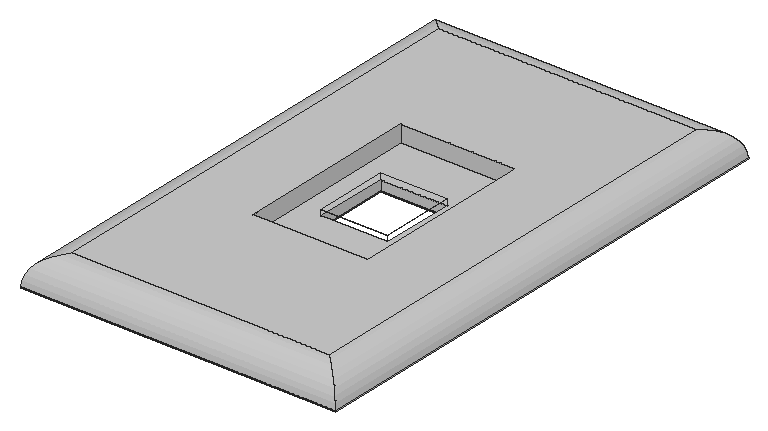
Revit family "Data_Device-Work_Area-Leviton-QuickPort-Wallplate", category Data Devices, host Face, Revit 2026
Family settings
  Host = Face
  Round Connector Dimension = Use Diameter
  Part Type = Normal
  Classification Number = 23.85.50.21
  Cut with Voids When Loaded = No
  Maintain Annotation Orientation = Yes
  Shared = Yes
  Room Calculation Point = No
Parameters (values of type "ERROR *See Type Catalog*")
  z Width = 0.58000"  # constant formula
  z White [instance] = and(Leviton Color = z Set Color White, not(Stainless Steel))  # no
  z Void Offset Single Gang 3 = if(and(z Is Single Gang, z Leviton Type = 1, Has ID Windows), 2.25000", 9.00000")  # 9.00000"
  z Void Offset Single Gang 2 = if(z Leviton Type = 11, 0.15000", 0.25000")  # 0.15000"
  z Void Offset Single Gang 1 = if(and(z Is Single Gang, Has ID Windows, not(or(z Leviton Type = 1, z Leviton Type = 11))), 2.25000", 9.00000")  # 9.00000"
  z Void Offset Dual Gang 2 = if(or(and(z Is Dual Gang, not(Stainless Steel), or(z Leviton Type = 1, z Leviton Type = 2, z Leviton Type = 3, z Leviton Type = 5, not(Has ID Windows))), and(z Is Single Gang), not(Has ID Windows), not(Has ID Windows)), 9.00000", 2.25000")  # 9.00000"
  z Void Offset Dual Gang 1 = if(and(z Is Dual Gang, Has ID Windows), 2.25000", 9.00000")  # 9.00000"
  z Void Offset Angled Plastic = if(or(and(z Leviton Type = 14, Stainless Steel), and(z Leviton Type = 13, Stainless Steel)), 0.11950", 0.07750")  # 0.07750"
  z Void Offset Angled = if(z Leviton Type = 15, 1.47000", if(z Leviton Type = 17, 0.36750", 0.73500"))  # 0.73500"
  z Void 4 Port Angled = if(or(z Leviton Type = 14, z Leviton Type = 15), 0.60000", 8.00000")  # 8.00000"
  z Void 2 Port Angled = if(z Leviton Type = 13, 0.60000", 8.00000")  # 8.00000"
  z Void 1 Port Angled = if(z Leviton Type = 17, 0.60000", 6.00000")  # 6.00000"
  z Stainless Steel [instance] = and(Leviton Color = z Set Color Stainless Steel, Stainless Steel)  # yes
  z Set Color White [instance] = Color Selection : White
  z Set Color Light Almond [instance] = Color Selection : Light Almond
  z Set Color Ivory [instance] = Color Selection : Ivory
  z Set Color Grey [instance] = Color Selection : Grey
  z Set Color Brown [instance] = Color Selection : Brown
  z Set Color Black [instance] = Color Selection : Black
  z Void Offset Single Gang 4 = if(or(and(z Is Single Gang, z Leviton Type = 13, Stainless Steel), and(z Is Single Gang, z Leviton Type = 14, Stainless Steel)), 2.25000", 9.00000")  # 9.00000"
  z Void Offset Dual Gang 3 = if(and(z Is Dual Gang, z Leviton Type = 15, Stainless Steel), 2.25000", 9.00000")  # 9.00000"
  z Offset 6 = if(or(z Leviton Type = 6, z Leviton Type = 12), 2.00000", 9.00000")  # 9.00000"
  z Offset 4 = if(or(z Leviton Type = 4, z Leviton Type = 8, z Leviton Type = 9), 2.00000", 9.00000")  # 9.00000"
  z Offset 3 = if(z Leviton Type = 3, 2.00000", 9.00000")  # 9.00000"
  z Offset 2 H = if(and(z Leviton Type = 5, z Is Dual Gang), 2.00000", 9.00000")  # 9.00000"
  z Offset 2 = if(or(z Leviton Type = 2, z Leviton Type = 7), 2.00000", 9.00000")  # 9.00000"
  z Offset 1 = if(or(z Leviton Type = 1, z Leviton Type = 11, z Leviton Type = 21), 2.00000", 9.00000")  # 2.00000"
  z Light Almond [instance] = and(Leviton Color = z Set Color Light Almond, not(Stainless Steel))  # no
  z Leviton Wallplate Color [instance] = if(and(z White, not(z Light Almond), not(z Ivory), not(z Grey), not(z Brown), not(z Black), not(z Stainless Steel)), 1, if(and(not(z White), z Light Almond, not(z Ivory), not(z Grey), not(z Brown), not(z Black), not(z Stainless Steel)), 2, if(and(not(z White), not(z Light Almond), z Ivory, not(z Grey), not(z Brown), not(z Black), not(z Stainless Steel)), 3, if(and(not(z White), not(z Light Almond), not(z Ivory), z Grey, not(z Brown), not(z Black), not(z Stainless Steel)), 4, if(and(not(z White), not(z Light Almond), not(z Ivory), not(z Grey), not(z Brown), z Black, not(z Stainless Steel)), 5, if(and(not(z White), not(z Light Almond), not(z Ivory), not(z Grey), z Brown, not(z Black), not(z Stainless Steel)), 6, if(and(not(z White), not(z Light Almond), not(z Ivory), not(z Grey), not(z Brown), not(z Black), z Stainless Steel), 7, 0)))))))  # 7
  z Leviton Type = 11
  z Ivory [instance] = and(Leviton Color = z Set Color Ivory, not(Stainless Steel))  # no
  z Is Single Gang = not(z Is Dual Gang)  # yes
  z Is Dual Gang = no
  z Height = 0.65000"  # constant formula
  z Has 12 Ports = z Leviton Type = 12  # no
  z Has 08 Ports = or(z Leviton Type = 8)  # no
  z Has 06 Ports = z Leviton Type = 6  # no
  z Has 04 Ports = or(z Leviton Type = 4, z Leviton Type = 9)  # no
  z Has 03 Ports = z Leviton Type = 3  # no
  z Has 02 Ports = or(z Leviton Type = 2, z Leviton Type = 7)  # no
  z Has 02 H Ports = z Leviton Type = 5  # no
  z Has 01 Port = or(z Leviton Type = 1, z Leviton Type = 11, z Leviton Type = 21)  # yes
  z Grey [instance] = and(Leviton Color = z Set Color Grey, not(Stainless Steel))  # no
  z Distance = if(z Collapse, 0.00000", 6.00000")  # 0.00000"
  z Depth = 0.25000"
  z Set Color Stainless Steel [instance] = Color Selection : Stainless Steel
  z Collapse = yes
  z Brown [instance] = and(Leviton Color = z Set Color Brown, not(Stainless Steel))  # no
  z Black [instance] = and(Leviton Color = z Set Color Black, not(Stainless Steel))  # no
  z Angles are Visible 4 Port Plastic = and(z Leviton Type = 14, not(Stainless Steel))  # no
  z Angles are Visible 4 Port Dual Gang = and(z Is Dual Gang, z Leviton Type = 14, Stainless Steel)  # no
  z Angles are Visible 4 Port = or(and(z Is Single Gang, z Leviton Type = 14), z Leviton Type = 15)  # no
  z Angles are Visible 2 Port Plastic = or(and(z Leviton Type = 13, not(Stainless Steel)), and(z Leviton Type = 17, not(Stainless Steel)))  # no
  z Angles are Visible 2 Port = or(z Leviton Type = 13, z Leviton Type = 17)  # no
  z 2 Y Offset 2 = if(z Leviton Type = 11, 0.00000", 8.00000")  # 0.00000"
  z 1 Y Offset 1 = if(and(or(z Leviton Type = 2, z Leviton Type = 4, z Leviton Type = 8), Stainless Steel), 1.13700", if(or(z Leviton Type = 7, z Leviton Type = 9), 0.76500", 0.24500"))  # 0.24500"
  z 1 X Offset 2 = if(or(z Leviton Type = 5, z Leviton Type = 8, z Leviton Type = 12), 0.73500", if(z Leviton Type = 15, 0.73500", 3.00000"))  # 3.00000"
  z 1 X Offset 1 = if(and(not(z Is Dual Gang), Stainless Steel), 1.23100", if(and(z Is Dual Gang, Stainless Steel, or(z Leviton Type = 8, z Leviton Type = 12)), 1.74000", if(and(z Is Dual Gang, Stainless Steel, or(z Leviton Type = 4, z Leviton Type = 6)), 2.39200", if(and(z Is Dual Gang, z Leviton Type = 1), 2.39300", if(and(z Is Dual Gang, z Leviton Type = 2), 2.39300", if(and(z Is Dual Gang, z Leviton Type = 3), 2.39300", if(or(and(z Is Dual Gang, z Leviton Type = 4), and(z Is Dual Gang, Stainless Steel, z Leviton Type = 14)), 2.39300", if(and(z Is Dual Gang, z Leviton Type = 5), 2.39300", if(and(z Is Dual Gang, z Leviton Type = 6), 2.39300", if(and(z Is Dual Gang, z Leviton Type = 8), 1.63200", if(and(z Is Dual Gang, z Leviton Type = 12), 1.63200", if(and(not(Stainless Steel), z Is Single Gang, z Leviton Type = 7), 1.49600", if(and(not(Stainless Steel), z Is Single Gang, z Leviton Type = 9), 1.49000", 1.31500")))))))))))))  # 1.23100"
  Width [instance] = if(and(z Is Single Gang, or(z Leviton Type = 7, z Leviton Type = 9, z Leviton Type = 11, z Leviton Type = 13, z Leviton Type = 14)), 2.75000", if(and(not(and(z Leviton Type = 7, z Leviton Type = 9, z Leviton Type = 11, z Leviton Type = 13, z Leviton Type = 14, z Leviton Type = 15)), z Is Dual Gang, Stainless Steel), 4.59000", if(and(not(and(z Leviton Type = 7, z Leviton Type = 9, z Leviton Type = 11, z Leviton Type = 13, z Leviton Type = 14, z Leviton Type = 15)), z Is Dual Gang, not(Stainless Steel)), 4.56300", if(and(not(and(z Leviton Type = 7, z Leviton Type = 9, z Leviton Type = 11, z Leviton Type = 13, z Leviton Type = 14, z Leviton Type = 15)), z Is Single Gang, Size Standard, Stainless Steel), 2.78000", if(and(not(and(z Leviton Type = 7, z Leviton Type = 9, z Leviton Type = 11, z Leviton Type = 13, z Leviton Type = 14, z Leviton Type = 15)), z Is Single Gang, Size Standard, not(Stainless Steel)), 2.75000", if(and(not(and(z Leviton Type = 7, z Leviton Type = 9, z Leviton Type = 11, z Leviton Type = 13, z Leviton Type = 14, z Leviton Type = 15)), z Is Single Gang, Size Midway, Stainless Steel), 2.78000", if(and(not(and(z Leviton Type = 7, z Leviton Type = 9, z Leviton Type = 11, z Leviton Type = 13, z Leviton Type = 14, z Leviton Type = 15, z Leviton Type = 13, z Leviton Type = 14)), z Is Single Gang, Size Midway, not(Stainless Steel)), 3.12000", 2.75000")))))))  # 2.75000"
  Stainless Steel = yes
  URL = "http://www.leviton.com/networksolutions"
  Type Comments = ""
  Technical Support Phone Number = "1-800-824-3005"  # constant formula
  Size Standard = not(Size Midway)  # yes
  Size Midway = no
  Serial Number [instance] = ""
  Quantity per Package = 0
  Product Documentation Link = "http://www.leviton.com/OA_HTML/SectionDisplay.jsp?section=37724&minisite=10259"
  Port Count [instance] = 0
  Part Number [instance] = if(and(z Leviton Wallplate Color = 1, z Is Single Gang, Size Standard, not(Has ID Windows), z Leviton Type = 1), "41080-1WP", if(and(z Leviton Wallplate Color = 2, z Is Single Gang, Size Standard, not(Has ID Windows), z Leviton Type = 1), "41080-1TP", if(and(z Leviton Wallplate Color = 3, z Is Single Gang, Size Standard, not(Has ID Windows), z Leviton Type = 1), "41080-1IP", if(and(z Leviton Wallplate Color = 4, z Is Single Gang, Size Standard, not(Has ID Windows), z Leviton Type = 1), "41080-1GP", if(and(z Leviton Wallplate Color = 5, z Is Single Gang, Size Standard, not(Has ID Windows), z Leviton Type = 1), "41080-1EP", if(and(z Leviton Wallplate Color = 6, z Is Single Gang, Size Standard, not(Has ID Windows), z Leviton Type = 1), "41080-1BP", if(and(z Leviton Wallplate Color = 1, z Is Single Gang, Size Standard, not(Has ID Windows), z Leviton Type = 2), "41080-2WP", if(and(z Leviton Wallplate Color = 2, z Is Single Gang, Size Standard, not(Has ID Windows), z Leviton Type = 2), "41080-2TP", if(and(z Leviton Wallplate Color = 3, z Is Single Gang, Size Standard, not(Has ID Windows), z Leviton Type = 2), "41080-2IP", if(and(z Leviton Wallplate Color = 4, z Is Single Gang, Size Standard, not(Has ID Windows), z Leviton Type = 2), "41080-2GP", if(and(z Leviton Wallplate Color = 5, z Is Single Gang, Size Standard, not(Has ID Windows), z Leviton Type = 2), "41080-2EP", if(and(z Leviton Wallplate Color = 6, z Is Single Gang, Size Standard, not(Has ID Windows), z Leviton Type = 2), "41080-2BP", if(and(z Leviton Wallplate Color = 1, z Is Single Gang, Size Standard, not(Has ID Windows), z Leviton Type = 3), "41080-3WP", if(and(z Leviton Wallplate Color = 2, z Is Single Gang, Size Standard, not(Has ID Windows), z Leviton Type = 3), "41080-3TP", if(and(z Leviton Wallplate Color = 3, z Is Single Gang, Size Standard, not(Has ID Windows), z Leviton Type = 3), "41080-3IP", if(and(z Leviton Wallplate Color = 4, z Is Single Gang, Size Standard, not(Has ID Windows), z Leviton Type = 3), "41080-3GP", if(and(z Leviton Wallplate Color = 5, z Is Single Gang, Size Standard, not(Has ID Windows), z Leviton Type = 3), "41080-3EP", if(and(z Leviton Wallplate Color = 6, z Is Single Gang, Size Standard, not(Has ID Windows), z Leviton Type = 3), "41080-3BP", if(and(z Leviton Wallplate Color = 1, z Is Single Gang, Size Standard, not(Has ID Windows), z Leviton Type = 4), "41080-4WP", if(and(z Leviton Wallplate Color = 2, z Is Single Gang, Size Standard, not(Has ID Windows), z Leviton Type = 4), "41080-4TP", if(and(z Leviton Wallplate Color = 3, z Is Single Gang, Size Standard, not(Has ID Windows), z Leviton Type = 4), "41080-4IP", if(and(z Leviton Wallplate Color = 4, z Is Single Gang, Size Standard, not(Has ID Windows), z Leviton Type = 4), "41080-4GP", if(and(z Leviton Wallplate Color = 5, z Is Single Gang, Size Standard, not(Has ID Windows), z Leviton Type = 4), "41080-4EP", if(and(z Leviton Wallplate Color = 6, z Is Single Gang, Size Standard, not(Has ID Windows), z Leviton Type = 4), "41080-4BP", if(and(z Leviton Wallplate Color = 1, z Is Single Gang, Size Standard, not(Has ID Windows), z Leviton Type = 6), "41080-6WP", if(and(z Leviton Wallplate Color = 2, z Is Single Gang, Size Standard, not(Has ID Windows), z Leviton Type = 6), "41080-6TP", if(and(z Leviton Wallplate Color = 3, z Is Single Gang, Size Standard, not(Has ID Windows), z Leviton Type = 6), "41080-6IP", if(and(z Leviton Wallplate Color = 4, z Is Single Gang, Size Standard, not(Has ID Windows), z Leviton Type = 6), "41080-6GP", if(and(z Leviton Wallplate Color = 5, z Is Single Gang, Size Standard, not(Has ID Windows), z Leviton Type = 6), "41080-6EP", if(and(z Leviton Wallplate Color = 6, z Is Single Gang, Size Standard, not(Has ID Windows), z Leviton Type = 6), "41080-6BP", if(and(z Leviton Wallplate Color = 1, z Is Single Gang, Size Standard, Has ID Windows, z Leviton Type = 1), "42080-1WS", if(and(z Leviton Wallplate Color = 2, z Is Single Gang, Size Standard, Has ID Windows, z Leviton Type = 1), "42080-1TS", if(and(z Leviton Wallplate Color = 3, z Is Single Gang, Size Standard, Has ID Windows, z Leviton Type = 1), "42080-1IS", if(and(z Leviton Wallplate Color = 4, z Is Single Gang, Size Standard, Has ID Windows, z Leviton Type = 1), "42080-1GS", if(and(z Leviton Wallplate Color = 5, z Is Single Gang, Size Standard, Has ID Windows, z Leviton Type = 1), "42080-1ES", if(and(z Leviton Wallplate Color = 1, z Is Single Gang, Size Standard, Has ID Windows, z Leviton Type = 2), "42080-2WS", if(and(z Leviton Wallplate Color = 2, z Is Single Gang, Size Standard, Has ID Windows, z Leviton Type = 2), "42080-2TS", if(and(z Leviton Wallplate Color = 3, z Is Single Gang, Size Standard, Has ID Windows, z Leviton Type = 2), "42080-2IS", if(and(z Leviton Wallplate Color = 4, z Is Single Gang, Size Standard, Has ID Windows, z Leviton Type = 2), "42080-2GS", if(and(z Leviton Wallplate Color = 5, z Is Single Gang, Size Standard, Has ID Windows, z Leviton Type = 2), "42080-2ES", if(and(z Leviton Wallplate Color = 1, z Is Single Gang, Size Standard, Has ID Windows, z Leviton Type = 3), "42080-3WS", if(and(z Leviton Wallplate Color = 2, z Is Single Gang, Size Standard, Has ID Windows, z Leviton Type = 3), "42080-3TS", if(and(z Leviton Wallplate Color = 3, z Is Single Gang, Size Standard, Has ID Windows, z Leviton Type = 3), "42080-3IS", if(and(z Leviton Wallplate Color = 4, z Is Single Gang, Size Standard, Has ID Windows, z Leviton Type = 3), "42080-3GS", if(and(z Leviton Wallplate Color = 5, z Is Single Gang, Size Standard, Has ID Windows, z Leviton Type = 3), "42080-3ES", if(and(z Leviton Wallplate Color = 1, z Is Single Gang, Size Standard, Has ID Windows, z Leviton Type = 4), "42080-4WS", if(and(z Leviton Wallplate Color = 2, z Is Single Gang, Size Standard, Has ID Windows, z Leviton Type = 4), "42080-4TS", if(and(z Leviton Wallplate Color = 3, z Is Single Gang, Size Standard, Has ID Windows, z Leviton Type = 4), "42080-4IS", if(and(z Leviton Wallplate Color = 4, z Is Single Gang, Size Standard, Has ID Windows, z Leviton Type = 4), "42080-4GS", if(and(z Leviton Wallplate Color = 5, z Is Single Gang, Size Standard, Has ID Windows, z Leviton Type = 4), "42080-4ES", if(and(z Leviton Wallplate Color = 1, z Is Single Gang, Size Standard, Has ID Windows, z Leviton Type = 6), "42080-6WS", if(and(z Leviton Wallplate Color = 2, z Is Single Gang, Size Standard, Has ID Windows, z Leviton Type = 6), "42080-6TS", if(and(z Leviton Wallplate Color = 3, z Is Single Gang, Size Standard, Has ID Windows, z Leviton Type = 6), "42080-6IS", if(and(z Leviton Wallplate Color = 4, z Is Single Gang, Size Standard, Has ID Windows, z Leviton Type = 6), "42080-6GS", if(and(z Leviton Wallplate Color = 5, z Is Single Gang, Size Standard, Has ID Windows, z Leviton Type = 6), "42080-6ES", if(and(z Leviton Wallplate Color = 1, z Is Dual Gang, Size Standard, Has ID Windows, z Leviton Type = 1), "42080-1WP", if(and(z Leviton Wallplate Color = 2, z Is Dual Gang, Size Standard, Has ID Windows, z Leviton Type = 1), "42080-1TP", if(and(z Leviton Wallplate Color = 3, z Is Dual Gang, Size Standard, Has ID Windows, z Leviton Type = 1), "42080-1IP", if(and(z Leviton Wallplate Color = 4, z Is Dual Gang, Size Standard, Has ID Windows, z Leviton Type = 1), "42080-1GP", if(and(z Leviton Wallplate Color = 5, z Is Dual Gang, Size Standard, Has ID Windows, z Leviton Type = 1), "42080-1EP", if(and(z Leviton Wallplate Color = 1, z Is Dual Gang, Size Standard, Has ID Windows, z Leviton Type = 5), "42080-2WP", if(and(z Leviton Wallplate Color = 2, z Is Dual Gang, Size Standard, Has ID Windows, z Leviton Type = 5), "42080-2TP", if(and(z Leviton Wallplate Color = 3, z Is Dual Gang, Size Standard, Has ID Windows, z Leviton Type = 5), "42080-2IP", if(and(z Leviton Wallplate Color = 4, z Is Dual Gang, Size Standard, Has ID Windows, z Leviton Type = 5), "42080-2GP", if(and(z Leviton Wallplate Color = 5, z Is Dual Gang, Size Standard, Has ID Windows, z Leviton Ty
    pe = 5), "42080-2EP", if(and(z Leviton Wallplate Color = 1, z Is Dual Gang, Size Standard, Has ID Windows, z Leviton Type = 3), "42080-3WP", if(and(z Leviton Wallplate Color = 2, z Is Dual Gang, Size Standard, Has ID Windows, z Leviton Type = 3), "42080-3TP", if(and(z Leviton Wallplate Color = 3, z Is Dual Gang, Size Standard, Has ID Windows, z Leviton Type = 3), "42080-3IP", if(and(z Leviton Wallplate Color = 4, z Is Dual Gang, Size Standard, Has ID Windows, z Leviton Type = 3), "42080-3GP", if(and(z Leviton Wallplate Color = 5, z Is Dual Gang, Size Standard, Has ID Windows, z Leviton Type = 3), "42080-3EP", if(and(z Leviton Wallplate Color = 1, z Is Dual Gang, Size Standard, Has ID Windows, z Leviton Type = 4), "42080-4WP", if(and(z Leviton Wallplate Color = 2, z Is Dual Gang, Size Standard, Has ID Windows, z Leviton Type = 4), "42080-4TP", if(and(z Leviton Wallplate Color = 3, z Is Dual Gang, Size Standard, Has ID Windows, z Leviton Type = 4), "42080-4IP", if(and(z Leviton Wallplate Color = 4, z Is Dual Gang, Size Standard, Has ID Windows, z Leviton Type = 4), "42080-4GP", if(and(z Leviton Wallplate Color = 5, z Is Dual Gang, Size Standard, Has ID Windows, z Leviton Type = 4), "42080-4EP", if(and(z Leviton Wallplate Color = 1, z Is Dual Gang, Size Standard, Has ID Windows, z Leviton Type = 6), "42080-6WP", if(and(z Leviton Wallplate Color = 2, z Is Dual Gang, Size Standard, Has ID Windows, z Leviton Type = 6), "42080-6TP", if(and(z Leviton Wallplate Color = 3, z Is Dual Gang, Size Standard, Has ID Windows, z Leviton Type = 6), "42080-6IP", if(and(z Leviton Wallplate Color = 4, z Is Dual Gang, Size Standard, Has ID Windows, z Leviton Type = 6), "42080-6GP", if(and(z Leviton Wallplate Color = 5, z Is Dual Gang, Size Standard, Has ID Windows, z Leviton Type = 6), "42080-6EP", if(and(z Leviton Wallplate Color = 1, z Is Dual Gang, Size Standard, Has ID Windows, z Leviton Type = 8), "42080-8WP", if(and(z Leviton Wallplate Color = 2, z Is Dual Gang, Size Standard, Has ID Windows, z Leviton Type = 8), "42080-8TP", if(and(z Leviton Wallplate Color = 3, z Is Dual Gang, Size Standard, Has ID Windows, z Leviton Type = 8), "42080-8IP", if(and(z Leviton Wallplate Color = 4, z Is Dual Gang, Size Standard, Has ID Windows, z Leviton Type = 8), "42080-8GP", if(and(z Leviton Wallplate Color = 5, z Is Dual Gang, Size Standard, Has ID Windows, z Leviton Type = 8), "42080-8EP", if(and(z Leviton Wallplate Color = 1, z Is Dual Gang, Size Standard, Has ID Windows, z Leviton Type = 12), "42080-12W", if(and(z Leviton Wallplate Color = 2, z Is Dual Gang, Size Standard, Has ID Windows, z Leviton Type = 12), "42080-12T", if(and(z Leviton Wallplate Color = 3, z Is Dual Gang, Size Standard, Has ID Windows, z Leviton Type = 12), "42080-12I", if(and(z Leviton Wallplate Color = 4, z Is Dual Gang, Size Standard, Has ID Windows, z Leviton Type = 12), "42080-12G", if(and(z Leviton Wallplate Color = 5, z Is Dual Gang, Size Standard, Has ID Windows, z Leviton Type = 12), "42080-12E", if(and(z Leviton Wallplate Color = 7, z Is Single Gang, Size Standard, not(Has ID Windows), Stainless Steel, z Leviton Type = 1), "43080-1S1", if(and(z Leviton Wallplate Color = 7, z Is Single Gang, Size Standard, not(Has ID Windows), Stainless Steel, z Leviton Type = 2), "43080-1S2", if(and(z Leviton Wallplate Color = 7, z Is Single Gang, Size Standard, not(Has ID Windows), Stainless Steel, z Leviton Type = 3), "43080-1S3", if(and(z Leviton Wallplate Color = 7, z Is Single Gang, Size Standard, not(Has ID Windows), Stainless Steel, z Leviton Type = 4), "43080-1S4", if(and(z Leviton Wallplate Color = 7, z Is Single Gang, Size Standard, not(Has ID Windows), Stainless Steel, z Leviton Type = 6), "43080-1S6", if(and(z Leviton Wallplate Color = 7, z Is Dual Gang, Size Standard, not(Has ID Windows), Stainless Steel, z Leviton Type = 2), "43080-2S2", if(and(z Leviton Wallplate Color = 7, z Is Dual Gang, Size Standard, not(Has ID Windows), Stainless Steel, z Leviton Type = 4), "43080-2S4", if(and(z Leviton Wallplate Color = 7, z Is Dual Gang, Size Standard, not(Has ID Windows), Stainless Steel, z Leviton Type = 6), "43080-2S6", if(and(z Leviton Wallplate Color = 7, z Is Dual Gang, Size Standard, not(Has ID Windows), Stainless Steel, z Leviton Type = 8), "43080-2S8", if(and(z Leviton Wallplate Color = 7, z Is Single Gang, Size Standard, not(Has ID Windows), Stainless Steel, z Leviton Type = 13), "43081-1L2", if(and(z Leviton Wallplate Color = 7, z Is Single Gang, Size Standard, not(Has ID Windows), Stainless Steel, z Leviton Type = 14), "43081-1L4", if(and(z Leviton Wallplate Color = 7, z Is Dual Gang, Size Standard, not(Has ID Windows), Stainless Steel, z Leviton Type = 14), "43081-2L4", if(and(z Leviton Wallplate Color = 7, z Is Dual Gang, Size Standard, not(Has ID Windows), Stainless Steel, z Leviton Type = 15), "43081-2L8", if(and(z Leviton Wallplate Color = 7, z Is Single Gang, Size Standard, not(Has ID Windows), Stainless Steel, z Leviton Type = 21), "4108W-0SP", if(and(z Leviton Wallplate Color = 7, z Is Single Gang, Size Standard, not(Has ID Windows), Stainless Steel, z Leviton Type = 11), "4108W-1SP", if(and(z Leviton Wallplate Color = 1, z Is Single Gang, Size Standard, not(Has ID Windows), z Leviton Type = 13), "41081-2WP", if(and(z Leviton Wallplate Color = 2, z Is Single Gang, Size Standard, not(Has ID Windows), z Leviton Type = 13), "41081-2TP", if(and(z Leviton Wallplate Color = 3, z Is Single Gang, Size Standard, not(Has ID Windows), z Leviton Type = 13), "41081-2IP", if(and(z Leviton Wallplate Color = 1, z Is Single Gang, Size Standard, not(Has ID Windows), z Leviton Type = 14), "41081-4WP", if(and(z Leviton Wallplate Color = 2, z Is Single Gang, Size Standard, not(Has ID Windows), z Leviton Type = 14), "41081-4TP", if(and(z Leviton Wallplate Color = 3, z Is Single Gang, Size Standard, not(Has ID Windows), z Leviton Type = 14), "41081-4IP", if(and(z Leviton Wallplate Color = 1, z Is Single Gang, Size Standard, Has ID Windows, z Leviton Type = 17), "42081-1WS", if(and(z Leviton Wallplate Color = 2, z Is Single Gang, Size Standard, Has ID Windows, z Leviton Type = 17), "42081-1TS", if(and(z Leviton Wallplate Color = 3, z Is Single Gang, Size Standard, Has ID Windows, z Leviton Type = 17), "42081-1IS", if(and(z Leviton Wallplate Color = 1, z Is Single Gang, Size Standard, Has ID Windows, z Leviton Type = 13), "42081-2WS", if(and(z Leviton Wallplate Color = 2, z Is Single Gang, Size Standard, Has ID Windows, z Leviton Type = 13), "42081-2TS", if(and(z Leviton Wallplate Color = 3, z Is Single Gang, Size Standard, Has ID Windows, z Leviton Type = 13), "42081-2IS", if(and(z Leviton Wallplate Color = 1, z Is Single Gang, Size Standard, Has ID Windows, z Leviton Type = 14), "42081-4WS", if(and(z Leviton Wallplate Color = 2, z Is Single Gang, Size Standard, Has ID Windows, z Leviton Type = 14), "42081-4TS", if(and(z Leviton Wallplate Color = 3, z Is Single Gang, Size Standard, Has ID Windows, z Leviton Type = 14), "42081-4IS", if(and(z Leviton Wallplate Color = 5, z Is Single Gang, Size Standard, Has ID Windows, z Leviton Type = 14), "42081-4ES", if(and(z Leviton Wallplate Color = 1, z Is Single Gang, Size Midway, not(Has ID Windows), z Leviton Type = 1), "41091-1WN", if(and(z Leviton Wallplate Color = 2, z Is Single Gang, Size Midway, not(Has ID Windows), z Leviton Type = 1), "41091-1TN", if(and(z Leviton Wallplate Color = 3, z Is Single Gang, Size Midway, not(Has ID Windows), z Leviton Type = 1), "41091-1IN", if(and(z Leviton Wallplate Color = 6, z Is Single Gang, Size Midway, not(Has ID Windows), z Leviton Type = 1), "41091-1BN", if(and(z Leviton Wallplate Color = 1, z Is Single Gang, Size Midway, not(Has ID Windows), z Leviton Type = 2), "41091-2WN", if(and(z Leviton Wallplate Color = 2, z Is Single Gang, Size Midway, not(Has ID Windows), z Leviton Type = 2), "41091-2TN", if(and(z Leviton Wallplate Color = 3, z Is Single Gang, Size Midway, not(Has ID Windows), z Leviton Type = 2), "41091-2IN", if(and(z 
    Leviton Wallplate Color = 6, z Is Single Gang, Size Midway, not(Has ID Windows), z Leviton Type = 2), "41091-2BN", if(and(z Leviton Wallplate Color = 1, z Is Single Gang, Size Midway, not(Has ID Windows), z Leviton Type = 3), "41091-3WN", if(and(z Leviton Wallplate Color = 2, z Is Single Gang, Size Midway, not(Has ID Windows), z Leviton Type = 3), "41091-3TN", if(and(z Leviton Wallplate Color = 3, z Is Single Gang, Size Midway, not(Has ID Windows), z Leviton Type = 3), "41091-3IN", if(and(z Leviton Wallplate Color = 6, z Is Single Gang, Size Midway, not(Has ID Windows), z Leviton Type = 3), "41091-3BN", if(and(z Leviton Wallplate Color = 1, z Is Single Gang, Size Midway, not(Has ID Windows), z Leviton Type = 4), "41091-4WN", if(and(z Leviton Wallplate Color = 2, z Is Single Gang, Size Midway, not(Has ID Windows), z Leviton Type = 4), "41091-4TN", if(and(z Leviton Wallplate Color = 3, z Is Single Gang, Size Midway, not(Has ID Windows), z Leviton Type = 4), "41091-4IN", if(and(z Leviton Wallplate Color = 6, z Is Single Gang, Size Midway, not(Has ID Windows), z Leviton Type = 4), "41091-4BN", if(and(z Leviton Wallplate Color = 1, z Is Single Gang, Size Midway, not(Has ID Windows), z Leviton Type = 6), "41091-6WN", if(and(z Leviton Wallplate Color = 2, z Is Single Gang, Size Midway, not(Has ID Windows), z Leviton Type = 6), "41091-6TN", if(and(z Leviton Wallplate Color = 3, z Is Single Gang, Size Midway, not(Has ID Windows), z Leviton Type = 6), "41091-6IN", if(and(z Leviton Wallplate Color = 6, z Is Single Gang, Size Midway, not(Has ID Windows), z Leviton Type = 6), "41091-6BN", "ERROR")))))))))))))))))))))))))))))))))))))))))))))))))))))))))))))))))))))))))))))))))))))))))))))))))))))))))))))))))))))))))))))))))))))))))))))  # "4108W-1SP"
  Part Description = Description  # "QuickPort Wallplate, Stainless Steel, 1 Port, Single Gang, Recessed"
  Original Creation Date = "January 15, 2013"  # constant formula
  Model Disclaimer = "http://www.leviton.com/BIMterms"
  Model = " "
  Minimum Order Quantity = 0
  Manufacturer = "Leviton"  # constant formula
  Leviton Color [instance] = Color Selection : Stainless Steel
  Height [instance] = if(and(z Is Single Gang, or(z Leviton Type = 7, z Leviton Type = 9, z Leviton Type = 11, z Leviton Type = 13, z Leviton Type = 14)), 4.50000", if(and(not(and(z Leviton Type = 7, z Leviton Type = 9, z Leviton Type = 11, z Leviton Type = 13, z Leviton Type = 14, z Leviton Type = 15)), z Is Dual Gang, Stainless Steel), 4.50000", if(and(not(and(z Leviton Type = 7, z Leviton Type = 9, z Leviton Type = 11, z Leviton Type = 13, z Leviton Type = 14, z Leviton Type = 15)), z Is Dual Gang, not(Stainless Steel)), 4.53000", if(and(not(and(z Leviton Type = 7, z Leviton Type = 9, z Leviton Type = 11, z Leviton Type = 13, z Leviton Type = 14, z Leviton Type = 15)), z Is Single Gang, Size Standard, Stainless Steel), 4.50000", if(and(not(and(z Leviton Type = 7, z Leviton Type = 9, z Leviton Type = 11, z Leviton Type = 13, z Leviton Type = 14, z Leviton Type = 15)), z Is Single Gang, Size Standard, not(Stainless Steel)), 4.53000", if(and(not(and(z Leviton Type = 7, z Leviton Type = 9, z Leviton Type = 11, z Leviton Type = 13, z Leviton Type = 14, z Leviton Type = 15)), z Is Single Gang, Size Midway, Stainless Steel), 4.50000", if(and(not(and(z Leviton Type = 7, z Leviton Type = 9, z Leviton Type = 11, z Leviton Type = 13, z Leviton Type = 14, z Leviton Type = 15, z Leviton Type = 13, z Leviton Type = 14)), z Is Single Gang, Size Midway, not(Stainless Steel)), 4.87000", 4.50000")))))))  # 4.50000"
  Has ID Windows = no
  Family Version = "1.0.9"  # constant formula
  Equipment Type = ""
  Equipment Abbreviation = "QPW"  # constant formula
  Description = "QuickPort Wallplate, Stainless Steel, 1 Port, Single Gang, Recessed"
  Default Elevation = 24.00000"
  Date Last Modified = "October 30, 2023"  # constant formula
  Copyright = "Copyright © 2013-2014 Leviton Manufacturing Co., Inc."  # constant formula
  Channel Count [instance] = 0
  Assembly Code = "D5030600"
  Annotation Symbol is Visible = yes
  Annotation Symbol [instance] = Symbol : Data
Reference planes (in)
  plane 1 "Center (Front/Back)": y = 0.3225
  plane 2 "Mounting Surface": z = 0
  plane 3 "Center (Left/Right)": x = -0.9065
  plane 4 "Front": z = 0.25
  plane 5: y = -1.9275
  plane 6 "Left": x = -2.2815
  plane 7 "Right": x = 0.4685
  plane 8: y = 2.5725
  plane 9: y = -1.9275
  plane 10: y = -1.9275
  plane 11: y = -1.9275
  plane 12: y = -1.9275
  plane 13: y = -1.9275
  plane 14: y = 2.5725
  plane 15: y = 2.5725
  plane 16: y = 2.5725
  plane 17: y = 2.5725
  plane 18 "Top": y = 2.5725
  plane 19: y = -1.9275
  plane 20: y = 0.6475
  plane 21: y = -0.0025
  plane 22: x = -1.1965
  plane 23: x = -0.6165
  plane 24: y = 2.3225
  plane 25: z = 7
  plane 26: z = 7
  plane 27 "1": z = 0
  plane 28 "2": z = 7
  plane 29 "3": z = 7
  plane 30: x = -1.522
  plane 31 "Angled Feature Right Side": x = -0.291
  plane 32: x = -0.942
  plane 33: x = -0.871
  plane 34 "6": z = 7
  plane 35 "4": z = 7
  plane 36: x = -3.942
  plane 37: x = -4.522
  plane 38: x = 2.709
  plane 39: x = 2.129
  plane 40: y = 0.8925
  plane 41: y = 1.5425
  plane 42: z = 7
  plane 43 "8": z = 7
  plane 44: y = 0.2
  plane 45: y = 0.445
  plane 46: y = 1.095
  plane 47: y = -0.45
  plane 48: y = 0.3225
  plane 49 "Recess": z = 0.1
  plane 50 "Void Collector": z = -2
  plane 51: y = 0.77
  plane 52: y = -0.125
  plane 53: y = 1.2175
  plane 54: y = 0.77
  plane 55: y = -0.125
  plane 56: x = -1.6415
  plane 57: x = -0.1715
  plane 58 "Lower 4-Port Mounting Face": through (0, -0.0476744, 0.5529789) normal (0, 0.4559, -0.8901)
  plane 59 "2-Port Mounting Face": through (0, 0.824706, 0.5529789) normal (0, 0.4559, -0.8901)
  plane 60 "Upper 4-Port Mounting Face": through (0, 1.1376099, 0.5529789) normal (0, 0.4559, -0.8901)
  plane 61 "Lower 4-Port": through (0, -3.6945175, 7.6734098) normal (0, 0.4559, -0.8901)
  plane 62 "2-Port": through (0, -2.8221371, 7.6734098) normal (0, 0.4559, -0.8901)
  plane 63 "Upper 4-Port": through (0, -2.5092332, 7.6734098) normal (0, 0.4559, -0.8901)
  plane 64: x = 2.709
  plane 65: x = 2.129
  plane 66: x = -3.942
  plane 67: x = -4.522
  plane 68 "Angled Feature Left Side": x = -1.564
  plane 69: x = -0.249
  plane 70 "Angled": z = 0.2869739
  plane 71: x = -2.5115
  plane 72: x = 0.6985
  plane 73: z = 7
  plane 74: z = 6.9
  plane 75: through (0, -1.6659589, 6.01851) normal (0, -0.4559, 0.8901)
  plane 76: z = 7
  plane 77: z = 7
  plane 78: z = 7.75
  plane 79: z = 6.25
Forms (in)
  Extrusion 1, solid, not visible, detail levels fine
    sketch origin (0, 0, 0) x (1, 0, 0) y (0, 1, 0)
      loop
        line (-5.103, 3.3225) -> (-5.103, -2.6775) -> (3.29, -2.6775) -> (3.29, 3.3225) -> (-5.103, 3.3225)
    from 0 to -2
  Extrusion 2, solid, material "Plastic - Leviton - White", visible <- "z White"
    sketch origin (0, 33, 0) x (1, 0, 0) y (0, 1, 0)
      loop
        line (-2.2815, -30.4275) -> (-2.2815, -34.9275) -> (0.4685, -34.9275) -> (0.4685, -30.4275) -> (-2.2815, -30.4275)
    from 0 to 0.25
  Sweep 3, void
    path origin (0, 0, 0.25) x (-1, 0, 0) y (0, -1, 0)
      loop
        line (2.2815, -2.5725) -> (2.2815, 1.9275) -> (-0.4685, 1.9275) -> (-0.4685, -2.5725) -> (2.2815, -2.5725)
    profile origin (-0.9065, 2.5725, 0.25) x (0, 1, 0) y (0, 0, 1)
      loop
        arc (-0.25, 0) -> (-0.0767228, -0.0697112) -> (0, -0.24) r 0.2502083
        line (0, -0.24) -> (0, 0) -> (-0.25, 0)
  Extrusion 4, solid, material "Plastic - Leviton - Light Almond", visible <- "z Light Almond"
    sketch origin (0, 25.5, 0) x (1, 0, 0) y (0, 1, 0)
      loop
        line (-2.2815, -22.9275) -> (-2.2815, -27.4275) -> (0.4685, -27.4275) -> (0.4685, -22.9275) -> (-2.2815, -22.9275)
    from 0 to 0.25
  Extrusion 5, solid, material "Plastic - Leviton - Ivory", visible <- "z Ivory"
    sketch origin (0, 18.75, 0) x (1, 0, 0) y (0, 1, 0)
      loop
        line (-2.2815, -16.1775) -> (-2.2815, -20.6775) -> (0.4685, -20.6775) -> (0.4685, -16.1775) -> (-2.2815, -16.1775)
    from 0 to 0.25
  Extrusion 6, solid, material "Plastic - Leviton - Grey", visible <- "z Grey"
    sketch origin (0, 11.75, 0) x (1, 0, 0) y (0, 1, 0)
      loop
        line (-2.2815, -9.1775) -> (-2.2815, -13.6775) -> (0.4685, -13.6775) -> (0.4685, -9.1775) -> (-2.2815, -9.1775)
    from 0 to 0.25
  Extrusion 7, solid, material "Plastic - Leviton - Black", visible <- "z Black"
    sketch origin (0, 3, 0) x (1, 0, 0) y (0, 1, 0)
      loop
        line (-2.2815, -0.4275) -> (-2.2815, -4.9275) -> (0.4685, -4.9275) -> (0.4685, -0.4275) -> (-2.2815, -0.4275)
    from 0 to 0.25
  Extrusion 8, solid, material "Plastic - Leviton - Brown", visible <- "z Brown"
    sketch origin (0, -5.5, 0) x (1, 0, 0) y (0, 1, 0)
      loop
        line (-2.2815, 8.0725) -> (-2.2815, 3.5725) -> (0.4685, 3.5725) -> (0.4685, 8.0725) -> (-2.2815, 8.0725)
    from 0 to 0.25
  Extrusion 9, solid, material "Plastic - Leviton - Stainless Steel", visible <- "Stainless Steel"
    sketch origin (0, 39.25, 0) x (1, 0, 0) y (0, 1, 0)
      loop
        line (-2.2815, -36.6775) -> (-2.2815, -41.1775) -> (0.4685, -41.1775) -> (0.4685, -36.6775) -> (-2.2815, -36.6775)
    from 0 to 0.25
  Extrusion 10, void
    sketch origin (0, 0, 0.25) x (-1, 0, 0) y (0, -1, 0)
      loop
        line (1.1965, -0.6475) -> (1.1965, 0.0025) -> (0.6165, 0.0025) -> (0.6165, -0.6475) -> (1.1965, -0.6475)
    from -0.25 to -0.1
  Extrusion 11, void
    sketch origin (0, 0, 0.25) x (-1, 0, 0) y (0, -1, 0)
      loop
        line (2.8126, -2.1725) -> (2.8126, -1.7125) -> (0.9826, -1.7125) -> (0.9826, -2.1725) -> (2.8126, -2.1725)
      loop
        line (-0.9996, -2.1725) -> (0.8304, -2.1725) -> (0.8304, -1.7125) -> (-0.9996, -1.7125) -> (-0.9996, -2.1725)
    from 6.65 to 6.75
  Extrusion 12, solid, material "Snap Locations - Leviton - Invisible", visible <- "z Has 01 Port"
    sketch origin (0, 0, 0.25) x (-1, 0, 0) y (0, -1, 0)
      loop
        line (1.1965, -0.6475) -> (1.1965, 0.0025) -> (0.6165, 0.0025) -> (0.6165, -0.6475) -> (1.1965, -0.6475)
    from -0.25 to -0.1
  Extrusion 13, solid, material "Snap Locations - Leviton - Invisible", visible <- "z Has 02 Ports"
    sketch origin (0, 0.4475, 0.25) x (-1, 0, 0) y (0, -1, 0)
      loop
        line (1.1965, -0.6475) -> (1.1965, 0.0025) -> (0.6165, 0.0025) -> (0.6165, -0.6475) -> (1.1965, -0.6475)
      loop
        line (1.1965, 0.8975) -> (0.6165, 0.8975) -> (0.6165, 0.2475) -> (1.1965, 0.2475) -> (1.1965, 0.8975)
    from 6.75 to 7
  Extrusion 14, void
    sketch origin (0, 0, 0) x (1, 0, 0) y (0, 1, 0)
      loop
        line (-1.1965, 1.095) -> (-1.1965, 0.445) -> (-0.6165, 0.445) -> (-0.6165, 1.095) -> (-1.1965, 1.095)
      loop
        line (-1.1965, 0.2) -> (-1.1965, -0.45) -> (-0.6165, -0.45) -> (-0.6165, 0.2) -> (-1.1965, 0.2)
    from 7 to 7.25
  Extrusion 15, solid, material "Snap Locations - Leviton - Invisible", visible <- "z Has 03 Ports"
    sketch origin (0, 0, 7) x (-1, 0, 0) y (0, -1, 0)
      loop
        line (1.1965, -0.6475) -> (1.1965, 0.0025) -> (0.6165, 0.0025) -> (0.6165, -0.6475) -> (1.1965, -0.6475)
      loop
        line (1.1965, -1.5425) -> (1.1965, -0.8925) -> (0.6165, -0.8925) -> (0.6165, -1.5425) -> (1.1965, -1.5425)
      loop
        line (1.1965, 0.2475) -> (1.1965, 0.8975) -> (0.6165, 0.8975) -> (0.6165, 0.2475) -> (1.1965, 0.2475)
    from 0 to 0.25
  Extrusion 16, void
    sketch origin (0, 0, 7) x (-1, 0, 0) y (0, -1, 0)
      loop
        line (1.1965, -1.5425) -> (1.1965, -0.8925) -> (0.6165, -0.8925) -> (0.6165, -1.5425) -> (1.1965, -1.5425)
      loop
        line (1.1965, -0.6475) -> (1.1965, 0.0025) -> (0.6165, 0.0025) -> (0.6165, -0.6475) -> (1.1965, -0.6475)
      loop
        line (1.1965, 0.2475) -> (1.1965, 0.8975) -> (0.6165, 0.8975) -> (0.6165, 0.2475) -> (1.1965, 0.2475)
    from 0 to 0.25
  Extrusion 17, void
    sketch origin (-0.8460823, 0, 7) x (-1, 0, 0) y (0, -1, 0)
      loop
        line (0.6759177, -1.5425) -> (0.6759177, -0.8925) -> (0.0959177, -0.8925) -> (0.0959177, -1.5425) -> (0.6759177, -1.5425)
      loop
        line (0.6759177, -0.6475) -> (0.6759177, 0.0025) -> (0.0959177, 0.0025) -> (0.0959177, -0.6475) -> (0.6759177, -0.6475)
      loop
        line (0.6759177, 0.2475) -> (0.6759177, 0.8975) -> (0.0959177, 0.8975) -> (0.0959177, 0.2475) -> (0.6759177, 0.2475)
      loop
        line (0.0249177, -1.5425) -> (0.0249177, -0.8925) -> (-0.5550823, -0.8925) -> (-0.5550823, -1.5425) -> (0.0249177, -1.5425)
      loop
        line (0.0249177, -0.6475) -> (0.0249177, 0.0025) -> (-0.5550823, 0.0025) -> (-0.5550823, -0.6475) -> (0.0249177, -0.6475)
      loop
        line (0.0249177, 0.2475) -> (0.0249177, 0.8975) -> (-0.5550823, 0.8975) -> (-0.5550823, 0.2475) -> (0.0249177, 0.2475)
      loop
        line (3.6759177, -1.5425) -> (3.6759177, -0.8925) -> (3.0959177, -0.8925) -> (3.0959177, -1.5425) -> (3.6759177, -1.5425)
      loop
        line (3.6759177, -0.6475) -> (3.6759177, 0.0025) -> (3.0959177, 0.0025) -> (3.0959177, -0.6475) -> (3.6759177, -0.6475)
      loop
        line (3.6759177, 0.2475) -> (3.6759177, 0.8975) -> (3.0959177, 0.8975) -> (3.0959177, 0.2475) -> (3.6759177, 0.2475)
      loop
        line (-2.9750823, -1.5425) -> (-2.9750823, -0.8925) -> (-3.5550823, -0.8925) -> (-3.5550823, -1.5425) -> (-2.9750823, -1.5425)
      loop
        line (-2.9750823, -0.6475) -> (-2.9750823, 0.0025) -> (-3.5550823, 0.0025) -> (-3.5550823, -0.6475) -> (-2.9750823, -0.6475)
      loop
        line (-2.9750823, 0.2475) -> (-2.9750823, 0.8975) -> (-3.5550823, 0.8975) -> (-3.5550823, 0.2475) -> (-2.9750823, 0.2475)
    from 0 to 0.25
  Extrusion 18, solid, material "Snap Locations - Leviton - Invisible", visible <- "z Has 12 Ports"
    sketch origin (-0.8460823, 0, 7) x (-1, 0, 0) y (0, -1, 0)
      loop
        line (0.6759177, -0.6475) -> (0.6759177, 0.0025) -> (0.0959177, 0.0025) -> (0.0959177, -0.6475) -> (0.6759177, -0.6475)
      loop
        line (0.6759177, -1.5425) -> (0.6759177, -0.8925) -> (0.0959177, -0.8925) -> (0.0959177, -1.5425) -> (0.6759177, -1.5425)
      loop
        line (0.6759177, 0.2475) -> (0.6759177, 0.8975) -> (0.0959177, 0.8975) -> (0.0959177, 0.2475) -> (0.6759177, 0.2475)
      loop
        line (0.0249177, -0.6475) -> (0.0249177, 0.0025) -> (-0.5550823, 0.0025) -> (-0.5550823, -0.6475) -> (0.0249177, -0.6475)
      loop
        line (0.0249177, -1.5425) -> (0.0249177, -0.8925) -> (-0.5550823, -0.8925) -> (-0.5550823, -1.5425) -> (0.0249177, -1.5425)
      loop
        line (0.0249177, 0.2475) -> (0.0249177, 0.8975) -> (-0.5550823, 0.8975) -> (-0.5550823, 0.2475) -> (0.0249177, 0.2475)
      loop
        line (3.6759177, -0.6475) -> (3.6759177, 0.0025) -> (3.0959177, 0.0025) -> (3.0959177, -0.6475) -> (3.6759177, -0.6475)
      loop
        line (3.6759177, -1.5425) -> (3.6759177, -0.8925) -> (3.0959177, -0.8925) -> (3.0959177, -1.5425) -> (3.6759177, -1.5425)
      loop
        line (3.6759177, 0.2475) -> (3.6759177, 0.8975) -> (3.0959177, 0.8975) -> (3.0959177, 0.2475) -> (3.6759177, 0.2475)
      loop
        line (-2.9750823, -0.6475) -> (-2.9750823, 0.0025) -> (-3.5550823, 0.0025) -> (-3.5550823, -0.6475) -> (-2.9750823, -0.6475)
      loop
        line (-2.9750823, -1.5425) -> (-2.9750823, -0.8925) -> (-3.5550823, -0.8925) -> (-3.5550823, -1.5425) -> (-2.9750823, -1.5425)
      loop
        line (-2.9750823, 0.2475) -> (-2.9750823, 0.8975) -> (-3.5550823, 0.8975) -> (-3.5550823, 0.2475) -> (-2.9750823, 0.2475)
    from 0 to 0.25
  Extrusion 19, void
    sketch origin (-0.9065, 0, 0) x (1, 0, 0) y (0, 1, 0)
      loop
        line (-0.6155, 1.095) -> (-0.6155, 0.445) -> (-0.0355, 0.445) -> (-0.0355, 1.095) -> (-0.6155, 1.095)
      loop
        line (-0.6155, 0.2) -> (-0.6155, -0.45) -> (-0.0355, -0.45) -> (-0.0355, 0.2) -> (-0.6155, 0.2)
      loop
        line (0.0355, 1.095) -> (0.0355, 0.445) -> (0.6155, 0.445) -> (0.6155, 1.095) -> (0.0355, 1.095)
      loop
        line (0.0355, 0.2) -> (0.0355, -0.45) -> (0.6155, -0.45) -> (0.6155, 0.2) -> (0.0355, 0.2)
      loop
        line (-3.0355, 1.095) -> (-3.6155, 1.095) -> (-3.6155, 0.445) -> (-3.0355, 0.445) -> (-3.0355, 1.095)
      loop
        line (-3.0355, 0.2) -> (-3.6155, 0.2) -> (-3.6155, -0.45) -> (-3.0355, -0.45) -> (-3.0355, 0.2)
      loop
        line (3.6155, 1.095) -> (3.0355, 1.095) -> (3.0355, 0.445) -> (3.6155, 0.445) -> (3.6155, 1.095)
      loop
        line (3.6155, 0.2) -> (3.0355, 0.2) -> (3.0355, -0.45) -> (3.6155, -0.45) -> (3.6155, 0.2)
    from 7 to 7.25
  Extrusion 20, solid, material "Snap Locations - Leviton - Invisible", visible <- "z Has 08 Ports"
    sketch origin (-0.9065, 0.4475, 0.25) x (-1, 0, 0) y (0, -1, 0)
      loop
        line (0.6155, -0.6475) -> (0.6155, 0.0025) -> (0.0355, 0.0025) -> (0.0355, -0.6475) -> (0.6155, -0.6475)
      loop
        line (0.6155, 0.8975) -> (0.0355, 0.8975) -> (0.0355, 0.2475) -> (0.6155, 0.2475) -> (0.6155, 0.8975)
      loop
        line (-0.0355, -0.6475) -> (-0.0355, 0.0025) -> (-0.6155, 0.0025) -> (-0.6155, -0.6475) -> (-0.0355, -0.6475)
      loop
        line (-0.0355, 0.8975) -> (-0.6155, 0.8975) -> (-0.6155, 0.2475) -> (-0.0355, 0.2475) -> (-0.0355, 0.8975)
      loop
        line (3.6155, -0.6475) -> (3.6155, 0.0025) -> (3.0355, 0.0025) -> (3.0355, -0.6475) -> (3.6155, -0.6475)
      loop
        line (3.6155, 0.8975) -> (3.0355, 0.8975) -> (3.0355, 0.2475) -> (3.6155, 0.2475) -> (3.6155, 0.8975)
      loop
        line (-3.0355, -0.6475) -> (-3.0355, 0.0025) -> (-3.6155, 0.0025) -> (-3.6155, -0.6475) -> (-3.0355, -0.6475)
      loop
        line (-3.0355, 0.8975) -> (-3.6155, 0.8975) -> (-3.6155, 0.2475) -> (-3.0355, 0.2475) -> (-3.0355, 0.8975)
    from 6.75 to 7
  Extrusion 21, solid, material "Snap Locations - Leviton - Invisible", visible <- "z Has 02 H Ports"
    sketch origin (-0.8460823, 0, 1.5) x (-1, 0, 0) y (0, -1, 0)
      loop
        line (0.6759177, -0.6475) -> (0.6759177, 0.0025) -> (0.0959177, 0.0025) -> (0.0959177, -0.6475) -> (0.6759177, -0.6475)
      loop
        line (0.0249177, -0.6475) -> (0.0249177, 0.0025) -> (-0.5550823, 0.0025) -> (-0.5550823, -0.6475) -> (0.0249177, -0.6475)
    from 5.5 to 5.75
  Extrusion 22, void
    sketch origin (-0.8460823, 0, 1.5) x (-1, 0, 0) y (0, -1, 0)
      loop
        line (0.6759177, -0.6475) -> (0.6759177, 0.0025) -> (0.0959177, 0.0025) -> (0.0959177, -0.6475) -> (0.6759177, -0.6475)
      loop
        line (0.0249177, -0.6475) -> (0.0249177, 0.0025) -> (-0.5550823, 0.0025) -> (-0.5550823, -0.6475) -> (0.0249177, -0.6475)
    from 5.5 to 5.75
  Extrusion 23, void
    sketch origin (0, 0, 7) x (0, 1, 0) y (-1, 0, 0)
      loop
        line (1.1325, 1.4065) -> (-0.4875, 1.4065) -> (-0.4875, 0.4065) -> (1.1325, 0.4065) -> (1.1325, 1.4065)
    from -6.9 to -6.75
  Extrusion 24, solid, material "Snap Locations - Leviton - Invisible", visible <- "z Has 04 Ports"
    sketch origin (0, 0, 7) x (0, 1, 0) y (-1, 0, 0)
      loop
        line (1.095, 1.522) -> (0.445, 1.522) -> (0.445, 0.942) -> (1.095, 0.942) -> (1.095, 1.522)
      loop
        line (0.2, 1.522) -> (-0.45, 1.522) -> (-0.45, 0.942) -> (0.2, 0.942) -> (0.2, 1.522)
      loop
        line (1.095, 0.871) -> (0.445, 0.871) -> (0.445, 0.291) -> (1.095, 0.291) -> (1.095, 0.871)
      loop
        line (0.2, 0.871) -> (-0.45, 0.871) -> (-0.45, 0.291) -> (0.2, 0.291) -> (0.2, 0.871)
    from 0 to 0.25
  Extrusion 25, solid, material "Snap Locations - Leviton - Invisible", visible <- "z Has 06 Ports"
    sketch origin (-0.8460823, 0, 7) x (-1, 0, 0) y (0, -1, 0)
      loop
        line (0.6759177, -0.6475) -> (0.6759177, 0.0025) -> (0.0959177, 0.0025) -> (0.0959177, -0.6475) -> (0.6759177, -0.6475)
      loop
        line (0.6759177, -1.5425) -> (0.6759177, -0.8925) -> (0.0959177, -0.8925) -> (0.0959177, -1.5425) -> (0.6759177, -1.5425)
      loop
        line (0.6759177, 0.2475) -> (0.6759177, 0.8975) -> (0.0959177, 0.8975) -> (0.0959177, 0.2475) -> (0.6759177, 0.2475)
      loop
        line (0.0249177, -0.6475) -> (0.0249177, 0.0025) -> (-0.5550823, 0.0025) -> (-0.5550823, -0.6475) -> (0.0249177, -0.6475)
      loop
        line (0.0249177, -1.5425) -> (0.0249177, -0.8925) -> (-0.5550823, -0.8925) -> (-0.5550823, -1.5425) -> (0.0249177, -1.5425)
      loop
        line (0.0249177, 0.2475) -> (0.0249177, 0.8975) -> (-0.5550823, 0.8975) -> (-0.5550823, 0.2475) -> (0.0249177, 0.2475)
    from 0 to 0.25
  Extrusion 26, void
    sketch origin (1.1003054, 0.0002281, 0.25) x (-1, 0, 0) y (0, -1, 0)
      loop
        line (2.9218054, -2.1722719) -> (2.9218054, -1.7122719) -> (1.0918054, -1.7122719) -> (1.0918054, -2.1722719) -> (2.9218054, -2.1722719)
      loop
        line (2.9218054, 1.5277281) -> (1.0918054, 1.5277281) -> (1.0918054, 1.0677281) -> (2.9218054, 1.0677281) -> (2.9218054, 1.5277281)
    from 6.65 to 6.75
  Extrusion 27, void
    sketch origin (0, 0, 0.25) x (-1, 0, 0) y (0, -1, 0)
      loop
        line (2.8126, 1.0675) -> (2.8126, 1.5275) -> (0.9826, 1.5275) -> (0.9826, 1.0675) -> (2.8126, 1.0675)
      loop
        line (0.8304, 1.0675) -> (0.8304, 1.5275) -> (-0.9996, 1.5275) -> (-0.9996, 1.0675) -> (0.8304, 1.0675)
    from 6.65 to 6.75
  Extrusion 28, solid, material "Snap Locations - Leviton - Invisible", visible <- "z Angles are Visible 4 Port Plastic", detail levels medium+fine
    sketch origin (-0.291, 0, 0) x (0, 1, 0) y (0, 0, 1)
      loop
        line (-0.138375, 0.25) -> (-0.2424564, 0.4532182) -> (-0.6392382, 0.25) -> (-0.138375, 0.25)
      loop
        line (1.0469093, 0.25) -> (0.9428278, 0.4532182) -> (0.546046, 0.25) -> (1.0469093, 0.25)
    from -1.3505 to 0.1195
  Extrusion 29, solid, material "Snap Locations - Leviton - Invisible", visible <- "z Angles are Visible 2 Port Plastic", detail levels medium+fine
    sketch origin (-0.291, 0.3129039, 0.25) x (0, 1, 0) y (0, 0, 1)
      loop
        line (0.4211015, 0) -> (0.3170201, 0.2032182) -> (-0.0797618, 0) -> (0.4211015, 0)
    from -1.3505 to 0.1195
  Extrusion 30, void
    sketch origin (0, -3.7829283, 7.6281287) x (0, 0.890054, 0.455855) y (1, 0, 0)
      loop
        line (-0.1591973, -0.871) -> (-0.1591973, -0.291) -> (-0.8091973, -0.291) -> (-0.8091973, -0.871) -> (-0.1591973, -0.871)
      loop
        line (-0.1591973, -1.522) -> (-0.1591973, -0.942) -> (-0.8091973, -0.942) -> (-0.8091973, -1.522) -> (-0.1591973, -1.522)
      loop
        line (-0.1591973, 2.129) -> (-0.1591973, 2.709) -> (-0.8091973, 2.709) -> (-0.8091973, 2.129) -> (-0.1591973, 2.129)
      loop
        line (-0.1591973, -4.522) -> (-0.1591973, -3.942) -> (-0.8091973, -3.942) -> (-0.8091973, -4.522) -> (-0.1591973, -4.522)
    from 0 to 1.2
  Extrusion 31, void
    sketch origin (0, 0.139608, 1.3256225) x (0, 0.890054, 0.455855) y (1, 0, 0)
      loop
        line (-0.0009689, -0.871) -> (-0.0009689, -0.291) -> (-0.6509689, -0.291) -> (-0.6509689, -0.871) -> (-0.0009689, -0.871)
      loop
        line (-0.0009689, -1.522) -> (-0.0009689, -0.942) -> (-0.6509689, -0.942) -> (-0.6509689, -1.522) -> (-0.0009689, -1.522)
    from -7 to -5.8
  Extrusion 32, void
    sketch origin (0, 0.4525119, 1.3256225) x (0, 0.890054, 0.455855) y (1, 0, 0)
      loop
        line (-0.0009689, -0.871) -> (-0.0009689, -0.291) -> (-0.6509689, -0.291) -> (-0.6509689, -0.871) -> (-0.0009689, -0.871)
      loop
        line (-0.0009689, -1.522) -> (-0.0009689, -0.942) -> (-0.6509689, -0.942) -> (-0.6509689, -1.522) -> (-0.0009689, -1.522)
      loop
        line (-0.0009689, 2.129) -> (-0.0009689, 2.709) -> (-0.6509689, 2.709) -> (-0.6509689, 2.129) -> (-0.0009689, 2.129)
      loop
        line (-0.0009689, -4.522) -> (-0.0009689, -3.942) -> (-0.6509689, -3.942) -> (-0.6509689, -4.522) -> (-0.0009689, -4.522)
    from -7 to -5.8
  Extrusion 33, solid, material "Mask - Leviton - Black"
    sketch origin (0, 0, 0) x (1, 0, 0) y (0, 1, 0)
      loop
        line (-2.2715, 2.5625) -> (-2.2715, -1.9175) -> (0.4585, -1.9175) -> (0.4585, 2.5625) -> (-2.2715, 2.5625)
    from 0 to 0.01
  Extrusion 34, solid, material "Snap Locations - Leviton - Invisible", visible <- "z Angles are Visible 4 Port"
    sketch origin (-0.291, 0, 0) x (0, 1, 0) y (0, 0, 1)
      loop
        line (-0.7423506, -0.0836925) -> (-0.1638156, 0.2126135) -> (-0.2777794, 0.4351269) -> (-0.8563144, 0.1388209) -> (-0.7423506, -0.0836925)
      loop
        line (0.4429337, -0.0836925) -> (1.0214687, 0.2126135) -> (0.9075048, 0.4351269) -> (0.3289698, 0.1388209) -> (0.4429337, -0.0836925)
    from -1.273 to 0.042
  Extrusion 35, solid, material "Snap Locations - Leviton - Invisible", visible <- "z Angles are Visible 2 Port"
    sketch origin (-0.291, 0, 0) x (0, 1, 0) y (0, 0, 1)
      loop
        line (0.016066, 0.1388209) -> (0.1300298, -0.0836925) -> (0.7085648, 0.2126135) -> (0.594601, 0.4351269) -> (0.016066, 0.1388209)
    from -1.273 to 0.042
  Extrusion 36, void
    sketch origin (1.1003054, 0.0002281, 0) x (-1, 0, 0) y (0, -1, 0)
      loop
        line (2.9218054, -2.1572719) -> (2.9218054, -1.6972719) -> (1.0918054, -1.6972719) -> (1.0918054, -2.1572719) -> (2.9218054, -2.1572719)
    from 6.9 to 7
  Extrusion 37, void
    sketch origin (0, -1.6659589, 6.01851) x (0, -0.890054, -0.455855) y (-1, 0, 0)
      loop
        line (0.5331952, 0.249) -> (1.1831952, 0.249) -> (1.1831952, 1.564) -> (0.5331952, 1.564) -> (0.5331952, 0.249)
    from 0 to 1.2
  Extrusion 38, solid, material "Snap Locations - Leviton - Invisible", visible <- "z Angles are Visible 4 Port Dual Gang"
    sketch origin (-0.291, 0, 0) x (0, 1, 0) y (0, 0, 1)
      loop
        line (-0.7423506, -0.0836925) -> (-0.1638156, 0.2126135) -> (-0.2777794, 0.4351269) -> (-0.8563144, 0.1388209) -> (-0.7423506, -0.0836925)
      loop
        line (0.4429337, -0.0836925) -> (1.0214687, 0.2126135) -> (0.9075048, 0.4351269) -> (0.3289698, 0.1388209) -> (0.4429337, -0.0836925)
    from -1.231 to -0.651
  Extrusion 39, solid, material "Snap Locations - Leviton - Invisible", visible <- "z Angles are Visible 4 Port Dual Gang"
    sketch origin (-0.291, 0, 0) x (0, 1, 0) y (0, 0, 1)
      loop
        line (-0.7423506, -0.0836925) -> (-0.1638156, 0.2126135) -> (-0.2777794, 0.4351269) -> (-0.8563144, 0.1388209) -> (-0.7423506, -0.0836925)
      loop
        line (0.4429337, -0.0836925) -> (1.0214687, 0.2126135) -> (0.9075048, 0.4351269) -> (0.3289698, 0.1388209) -> (0.4429337, -0.0836925)
    from -0.58 to 0
  Extrusion 40, void
    sketch origin (-0.9065, 0, 0) x (0, 1, 0) y (0, 0, 1)
      loop
        line (2.5725, 7.75) -> (-1.9275, 7.75) -> (-1.9275, 6.25) -> (2.5725, 6.25) -> (2.5725, 7.75)
    from -0.0355 to 0.0355
  Extrusion 41, void
    sketch origin (0, 0, 0) x (1, 0, 0) y (0, 1, 0)
      loop
        line (-0.942, 2.3225) -> (-0.942, -1.9275) -> (-0.871, -1.9275) -> (-0.871, 2.3225) -> (-0.942, 2.3225)
      loop
        line (-0.291, 2.3225) -> (-0.291, -1.9275) -> (-0.136, -1.9275) -> (-0.136, 2.3225) -> (-0.291, 2.3225)
      loop
        line (-1.677, 2.3225) -> (-1.677, -1.9275) -> (-1.522, -1.9275) -> (-1.522, 2.3225) -> (-1.677, 2.3225)
    from 6.25 to 7.75
Cuts and joins
  Sweep 3, Extrusion 10, Extrusion 11, Extrusion 14, Extrusion 16, Extrusion 17, Extrusion 19, Extrusion 22, Extrusion 26, Extrusion 27, Extrusion 30, Extrusion 31, Extrusion 32, Extrusion 36, Extrusion 37 cuts Extrusion 7
  Sweep 3, Extrusion 10, Extrusion 11, Extrusion 14, Extrusion 16, Extrusion 17, Extrusion 19, Extrusion 22, Extrusion 26, Extrusion 27, Extrusion 30, Extrusion 31, Extrusion 32, Extrusion 36, Extrusion 37 cuts Extrusion 6
  Sweep 3, Extrusion 10, Extrusion 11, Extrusion 14, Extrusion 16, Extrusion 17, Extrusion 19, Extrusion 22, Extrusion 26, Extrusion 27, Extrusion 30, Extrusion 31, Extrusion 32, Extrusion 36, Extrusion 37 cuts Extrusion 5
  Sweep 3, Extrusion 10, Extrusion 11, Extrusion 14, Extrusion 16, Extrusion 17, Extrusion 19, Extrusion 22, Extrusion 26, Extrusion 27, Extrusion 30, Extrusion 31, Extrusion 32, Extrusion 36, Extrusion 37 cuts Extrusion 4
  Sweep 3, Extrusion 10, Extrusion 11, Extrusion 14, Extrusion 16, Extrusion 17, Extrusion 19, Extrusion 22, Extrusion 23, Extrusion 26, Extrusion 27, Extrusion 30, Extrusion 31, Extrusion 32, Extrusion 36, Extrusion 37 cuts Extrusion 2
  Sweep 3, Extrusion 10, Extrusion 11, Extrusion 14, Extrusion 16, Extrusion 17, Extrusion 19, Extrusion 22, Extrusion 23, Extrusion 26, Extrusion 27, Extrusion 30, Extrusion 31, Extrusion 32, Extrusion 36, Extrusion 37 cuts Extrusion 9
  Sweep 3, Extrusion 10, Extrusion 11, Extrusion 14, Extrusion 16, Extrusion 17, Extrusion 19, Extrusion 22, Extrusion 23, Extrusion 26, Extrusion 27, Extrusion 30, Extrusion 31, Extrusion 32, Extrusion 36, Extrusion 37 cuts Extrusion 8
  Extrusion 14, Extrusion 16, Extrusion 26 cuts Extrusion 12
  Extrusion 16, Extrusion 19, Extrusion 26, Extrusion 30, Extrusion 31, Extrusion 32 cuts Extrusion 13
  Extrusion 17, Extrusion 30 cuts Extrusion 15
  Extrusion 22, Extrusion 26, Extrusion 30 cuts Extrusion 18
  Extrusion 26, Extrusion 30 cuts Extrusion 20
  Extrusion 26, Extrusion 30 cuts Extrusion 21
  Extrusion 26, Extrusion 30 cuts Extrusion 24
  Extrusion 26, Extrusion 30 cuts Extrusion 25
  Extrusion 30, Extrusion 31, Extrusion 32, Extrusion 37 cuts Extrusion 28
  Extrusion 31, Extrusion 37 cuts Extrusion 29
  Extrusion 10, Extrusion 14, Extrusion 16, Extrusion 17, Extrusion 19, Extrusion 37 cuts Extrusion 33
  Extrusion 37, Extrusion 40, Extrusion 41 cuts Extrusion 34
  Extrusion 37, Extrusion 40 cuts Extrusion 35
Lines and regions (in)
  Masking region 1, detail levels coarse+medium
    outline origin (0.4685, 0, 0) x (0, -1, 0) y (0, 0, 1)
      loop
        line (-2.5725, 0.25) -> (-2.5725, 0) -> (1.9275, 0) -> (1.9275, 0.25) -> (-2.5725, 0.25)
  Masking region 2, detail levels fine
    outline origin (0, 2.5725, 0) x (-1, 0, 0) y (0, 0, 1)
      loop
        line (2.0315, 0.25) -> (-0.2185, 0.25)
        arc (-0.2185, 0.25) -> (-0.3952767, 0.1767767) -> (-0.4685, 0) r 0.25
        line (-0.4685, 0) -> (2.2815, 0)
        arc (2.2815, 0) -> (2.2082767, 0.1767767) -> (2.0315, 0.25) r 0.25
  Masking region 3, detail levels fine
    outline origin (0.4685, 0, 0) x (0, -1, 0) y (0, 0, 1)
      loop
        line (1.6775, 0.25) -> (-2.3225, 0.25)
        arc (-2.3225, 0.25) -> (-2.4992767, 0.1767767) -> (-2.5725, 0) r 0.25
        line (-2.5725, 0) -> (1.9275, 0)
        arc (1.9275, 0) -> (1.8542767, 0.1767767) -> (1.6775, 0.25) r 0.25
  Masking region 4, detail levels fine
    outline origin (-2.2815, 0, 0) x (0, -1, 0) y (0, 0, 1)
      loop
        arc (1.9275, 0) -> (1.8542767, 0.1767767) -> (1.6775, 0.25) r 0.25
        line (1.6775, 0.25) -> (-2.3225, 0.25)
        arc (-2.3225, 0.25) -> (-2.4992767, 0.1767767) -> (-2.5725, 0) r 0.25
        line (-2.5725, 0) -> (1.9275, 0)
  Masking region 5, detail levels coarse+medium
    outline origin (-2.2815, 0, 0) x (0, -1, 0) y (0, 0, 1)
      loop
        line (1.9275, 0) -> (1.9275, 0.25) -> (-2.5725, 0.25) -> (-2.5725, 0) -> (1.9275, 0)
  Masking region 6, detail levels coarse+medium
    outline origin (0, 2.5725, 0) x (-1, 0, 0) y (0, 0, 1)
      loop
        line (2.2815, 0) -> (2.2815, 0.25) -> (-0.4685, 0.25) -> (-0.4685, 0) -> (2.2815, 0)
